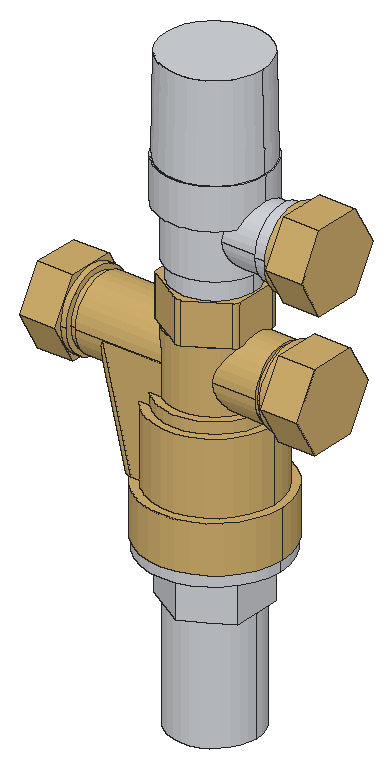
Revit family
Parameters (values of type "KHN3.112")
  URL = "http://www.autospec.co.za/browse.php?id=1644179288"
  Radius of Pipe = Diameter of Pipe / 2  # 11 mm
  Product Code = "KHN3.112"
  Pressure Rating = 200 kPa
  OmniClass Title = ""
  OmniClass Number = ""
  Modspec Classification = ""
  Specification = ""
  Location (revit room) = ""
  Model = "Pressure Control Mono Valve KHN3.112"
  Manufacturer = "Kwikot"  # constant formula
  Material = DZR Brass
  Diameter of Pipe = 22 mm
  Colour = none
  Body Finish = none
  Assembly Code = "D2090800"
Reference planes
  plane 1 "Center (Front/Back)": y = 0
  plane 2: z = 0
  plane 3 "Center (Left/Right)": x = 0
  plane 4: z = -102
  plane 5: z = 85
  plane 6: z = -67
  plane 7: x = 13
  plane 8: x = -13
  plane 9: z = -49.4
  plane 10: z = -34.9
  plane 11: z = -52.865
  plane 12: z = -12.9
  plane 13: z = -9.4
  plane 14: z = 9.6
  plane 15: z = 22.1
  plane 16: z = 28.1
  plane 17: z = 43.6
  plane 18: z = 56
  plane 19: x = 21.5
  plane 20: x = -34.5
  plane 21: x = 36.5
  plane 22: x = -49.5
  plane 23: x = 23.5
  plane 24: x = 25.5
  plane 25: x = -36.5
  plane 26: x = -38.5
  plane 27: z = 39.2
  plane 28: x = 38
  plane 29: x = 27
  plane 30: x = -6.5
Forms (mm)
  Extrusion 1, solid, detail levels fine
    sketch origin (-440, -1524, -102) x (-1, 0, 0) y (0, -1, 0)
      loop
        circle (-440, -1524) r 13
    from 0 to 35
  Extrusion 2, solid, detail levels fine
    sketch origin (-440, -1524, -67) x (-1, 0, 0) y (0, -1, 0)
      loop
        line (-453, -1531.506) -> (-440, -1539.011) -> (-427, -1531.506) -> (-427, -1516.494) -> (-440, -1508.989) -> (-453, -1516.494) -> (-453, -1531.506)
    from 0 to 14.135
  Extrusion 3, solid, detail levels fine
    sketch origin (-20.969, -1524, -52.865) x (-1, 0, 0) y (0, -1, 0)
      loop
        circle (-20.969, -1524) r 20.5
    from 0 to 3.465
  Extrusion 4, solid, material "DZR Brass" <- "Material", detail levels fine
    sketch origin (-165.612, -1524, -49.4) x (-1, 0, 0) y (0, -1, 0)
      loop
        circle (-165.612, -1524) r 21
    from 0 to 14.5
  Extrusion 5, solid, material "DZR Brass" <- "Material", detail levels fine
    sketch origin (0, 0, 0) x (0, 1, 0) y (0, 0, 1)
      loop
        circle (0, 0) r 11
    from 21.5 to -34.5
  Extrusion 6, solid, material "DZR Brass" <- "Material", detail levels fine
    sketch origin (-165.612, -1524, -34.9) x (-1, 0, 0) y (0, -1, 0)
      loop
        circle (-165.612, -1524) r 18.5
    from 0 to 22
  Extrusion 7, solid, material "DZR Brass" <- "Material", detail levels fine
    sketch origin (-60.699, -1524, -12.9) x (-1, 0, 0) y (0, -1, 0)
      loop
        circle (-60.699, -1524) r 16
    from 0 to 3.5
  Extrusion 8, solid, material "DZR Brass" <- "Material", detail levels fine
    sketch origin (-60.699, -1524, -9.4) x (-1, 0, 0) y (0, -1, 0)
      loop
        circle (-60.699, -1524) r 13.5
    from 0 to 19
  Blend 9, solid, material "DZR Brass" <- "Material", detail levels fine
    base sketch origin (-60.699, -1524, -9.4) x (-1, 0, 0) y (0, -1, 0)
      loop
        arc (-34.681, -1535) -> (-33.456, -1534.739) -> (-32.444, -1534) r 3
        arc (-32.444, -1534) -> (-28.625, -1524) -> (-32.444, -1514) r 15
        arc (-32.444, -1514) -> (-33.456, -1513.261) -> (-34.681, -1513) r 3
        line (-34.681, -1513) -> (-54.199, -1513) -> (-54.199, -1535) -> (-34.681, -1535)
    top sketch origin (-60.699, -1524, -9.4) x (-1, 0, 0) y (0, -1, 0)
      loop
        line (-54.199, -1535) -> (-43.324, -1535)
        arc (-43.324, -1535) -> (-41.97, -1534.677) -> (-40.908, -1533.778) r 3
        arc (-40.908, -1533.778) -> (-37.699, -1524) -> (-40.908, -1514.222) r 16.5
        arc (-40.908, -1514.222) -> (-41.97, -1513.323) -> (-43.324, -1513) r 3
        line (-43.324, -1513) -> (-54.199, -1513) -> (-54.199, -1535)
    from 9.4 to -25.5
  Extrusion 10, solid, material "DZR Brass" <- "Material", detail levels fine
    sketch origin (-60.699, -1524, 9.6) x (-1, 0, 0) y (0, -1, 0)
      loop
        line (-72.699, -1532.083) -> (-61.699, -1538.434)
        arc (-61.699, -1538.434) -> (-60.699, -1538.702) -> (-59.699, -1538.434) r 2
        line (-59.699, -1538.434) -> (-48.699, -1532.083)
        arc (-48.699, -1532.083) -> (-47.967, -1531.351) -> (-47.699, -1530.351) r 2
        line (-47.699, -1530.351) -> (-47.699, -1517.649)
        arc (-47.699, -1517.649) -> (-47.967, -1516.649) -> (-48.699, -1515.917) r 2
        line (-48.699, -1515.917) -> (-59.699, -1509.566)
        arc (-59.699, -1509.566) -> (-60.699, -1509.298) -> (-61.699, -1509.566) r 2
        line (-61.699, -1509.566) -> (-72.699, -1515.917)
        arc (-72.699, -1515.917) -> (-73.431, -1516.649) -> (-73.699, -1517.649) r 2
        line (-73.699, -1517.649) -> (-73.699, -1530.351)
        arc (-73.699, -1530.351) -> (-73.431, -1531.351) -> (-72.699, -1532.083) r 2
    from 0 to 12.5
  Extrusion 11, solid, detail levels fine
    sketch origin (-60.699, -1524, 22.1) x (-1, 0, 0) y (0, -1, 0)
      loop
        circle (-60.699, -1524) r 12.2
    from 0 to 6
  Extrusion 12, solid, detail levels fine
    sketch origin (-60.699, -1524, 28.1) x (-1, 0, 0) y (0, -1, 0)
      loop
        circle (-60.699, -1524) r 13.5
    from 0 to 15.5
  Extrusion 13, solid, detail levels fine
    sketch origin (-60.699, -1524, 43.6) x (-1, 0, 0) y (0, -1, 0)
      loop
        circle (-60.699, -1524) r 16
    from 0 to 12.4
  Blend 14, solid, detail levels fine
    base sketch origin (-60.699, -1524, 56) x (-1, 0, 0) y (0, -1, 0)
      loop
        circle (-60.699, -1524) r 15.5
    top sketch origin (-60.699, -1524, 56) x (-1, 0, 0) y (0, -1, 0)
      loop
        circle (-60.699, -1524) r 15
    from 0 to 29
  Extrusion 15, solid, material "DZR Brass" <- "Material", detail levels fine
    sketch origin (21.5, -1524, -21.263) x (0, 0, -1) y (0, -1, 0)
      loop
        circle (-21.263, -1524) r 10.5
    from 0 to -2
  Extrusion 16, solid, material "DZR Brass" <- "Material", detail levels fine
    sketch origin (-34.5, -1524, -21.263) x (0, 0, -1) y (0, -1, 0)
      loop
        circle (-21.263, -1524) r 10.5
    from 0 to 2
  Extrusion 17, solid, material "DZR Brass" <- "Material", detail levels fine
    sketch origin (21.5, -1524, -21.263) x (0, 0, -1) y (0, -1, 0)
      loop
        circle (-21.263, -1524) r 12
    from -2 to -4
  Extrusion 18, solid, material "DZR Brass" <- "Material", detail levels fine
    sketch origin (-34.5, -1524, -21.263) x (0, 0, -1) y (0, -1, 0)
      loop
        circle (-21.263, -1524) r 12
    from 2 to 4
  Extrusion 19, solid, material "DZR Brass" <- "Material", detail levels fine
    sketch origin (25.5, -1524, -21.263) x (0, 0, -1) y (0, -1, 0)
      loop
        line (-9.263, -1517.072) -> (-21.263, -1510.144) -> (-33.263, -1517.072) -> (-33.263, -1530.928) -> (-21.263, -1537.856) -> (-9.263, -1530.928) -> (-9.263, -1517.072)
    from 0 to -11
  Extrusion 20, solid, material "DZR Brass" <- "Material", detail levels fine
    sketch origin (-38.5, -1524, -21.263) x (0, 0, -1) y (0, -1, 0)
      loop
        line (-33.263, -1517.072) -> (-33.263, -1530.928) -> (-21.263, -1537.856) -> (-9.263, -1530.928) -> (-9.263, -1517.072) -> (-21.263, -1510.144) -> (-33.263, -1517.072)
    from 0 to 11
  Extrusion 21, solid, detail levels fine
    sketch origin (0, 0, 0) x (0, 1, 0) y (0, 0, 1)
      loop
        circle (0, 39.2) r 9.5
    from 0 to 20.8
  Extrusion 22, solid, detail levels fine
    sketch origin (0, 0, 0) x (0, 1, 0) y (0, 0, 1)
      loop
        circle (0, 39.2) r 10.45
    from 20.8 to 25
  Extrusion 23, solid, material "DZR Brass" <- "Material", detail levels fine
    sketch origin (0, 0, 0) x (0, 1, 0) y (0, 0, 1)
      loop
        circle (0, 39.2) r 12
    from 25 to 27
  Extrusion 24, solid, material "DZR Brass" <- "Material", detail levels fine
    sketch origin (38, -1524, 63.742) x (0, 0, 1) y (0, -1, 0)
      loop
        line (-12.542, -1517.072) -> (-24.542, -1510.144) -> (-36.542, -1517.072) -> (-36.542, -1530.928) -> (-24.542, -1537.856) -> (-12.542, -1530.928) -> (-12.542, -1517.072)
    from 0 to -11
Cuts and joins
  joined: Extrusion 11, Extrusion 12, Extrusion 13, Blend 14, Extrusion 21, Extrusion 22
  joined: Extrusion 23, Extrusion 24
  joined: Extrusion 1, Extrusion 2, Extrusion 3
  joined: Extrusion 5, Extrusion 10, Extrusion 15, Extrusion 16, Extrusion 17, Extrusion 18, Extrusion 19, Extrusion 20
  joined: Extrusion 4, Extrusion 6, Extrusion 7, Extrusion 8, Blend 9
Lines and regions (mm)
  model lines
    curve 1: line (-6.5, 0, 0) -> (-6.5, 27.166, 0)
    curve 2: line (-16.5, 27.166, 0) -> (3.5, 27.166, 0)
    curve 3: arc (-16.5, 27.166, 0) -> (-6.5, 30.985, 0) -> (3.5, 27.166, 0) r 15
    curve 4: line (-6.5, 30.985, 0) -> (-6.5, 42.166, 0)
    curve 5: line (-6.5, 42.166, 0) -> (29.75, 42.166, 0)
    curve 6: line (29.75, 42.166, 0) -> (29.75, 0, 0)
    curve 7: line (-34.5, -10.5, 0) -> (-34.5, 10.5, 0)
    curve 8: line (-34.5, 10.5, 0) -> (21.5, -10.5, 0)
    curve 9: line (-34.5, -10.5, 0) -> (21.5, 10.5, 0)
    curve 10: line (21.5, -10.5, 0) -> (21.5, 10.5, 0)
    curve 11: line (-34.5, 0, 0) -> (-49.5, 0, 0)
    curve 12: line (21.5, 0, 0) -> (36.5, 0, 0)
Dimensions and locks
  level to plane 4 = 102 mm
  plane 6 to plane 4 = 35 mm
  plane 8 to plane 7 = 26 mm
  plane 3 "Center (Left/Right)" to plane 19 = 21.5 mm
  plane 20 to plane 19 = 56 mm
  plane 3 "Center (Left/Right)" to plane 21 = 36.5 mm
  plane 22 to plane 3 "Center (Left/Right)" = 49.5 mm
  plane 27 to plane 2 = 39.2 mm
  plane 28 to plane 3 "Center (Left/Right)" = 38 mm
  plane 28 to plane 29 = 11 mm
  plane 29 to plane 3 "Center (Left/Right)" = 27 mm
  "Radius of Pipe": plane 1 "Center (Front/Back)" to Blend 9 sketch curve
  equal spacing: Blend 9 sketch curve, plane 1 "Center (Front/Back)", Blend 9 sketch curve
  plane 20 to Blend 9 sketch curve = 2.426 mm
  plane 20 to Blend 9 sketch curve = 11.5 mm
  radius of Extrusion 1 sketch curve = 13 mm
  "Radius of Pipe": radius of Extrusion 5 sketch curve
  radius of Extrusion 21 sketch curve = 9.5 mm
  radius of Extrusion 23 sketch curve = 12 mm
  radius of Extrusion 22 sketch curve = 10.45 mm
  aligned and locked: level to plane 2
  aligned and locked: plane 6 to Extrusion 1
  aligned and locked: Extrusion 1 to plane 4
  aligned and locked: plane 11 to Extrusion 2
  aligned and locked: Extrusion 2 to plane 6
  aligned and locked: plane 9 to Extrusion 3
  aligned and locked: Extrusion 3 to Extrusion 2
  aligned and locked: plane 10 to Extrusion 4
  aligned and locked: Extrusion 4 to plane 9
  aligned and locked: plane 12 to Extrusion 6
  aligned and locked: Extrusion 6 to plane 10
  aligned and locked: plane 13 to Extrusion 7
  aligned and locked: Extrusion 7 to plane 12
  aligned and locked: plane 14 to Extrusion 8
  aligned and locked: Extrusion 8 to Extrusion 7
  aligned and locked: plane 15 to Extrusion 10
  aligned and locked: Extrusion 10 to Extrusion 8
  aligned and locked: plane 16 to Extrusion 11
  aligned and locked: Extrusion 11 to plane 15
  aligned and locked: plane 17 to Extrusion 12
  aligned and locked: Extrusion 12 to plane 16
  aligned and locked: plane 18 to Extrusion 13
  aligned and locked: Extrusion 13 to plane 17
  aligned and locked: plane 5 to Blend 14
  aligned and locked: Blend 14 to plane 18
  aligned and locked: plane 20 to Extrusion 5
  aligned and locked: Extrusion 5 to plane 19
  aligned: Extrusion 16 sketch curve to Extrusion 15
  aligned and locked: Extrusion 16 sketch curve to Extrusion 15
  aligned and locked: Extrusion 17 to Extrusion 15
  aligned: Extrusion 18 sketch curve to Extrusion 17
  aligned and locked: Extrusion 18 sketch curve to Extrusion 17
  aligned and locked: Extrusion 15 to plane 23
  aligned and locked: plane 23 to Extrusion 17
  aligned and locked: Extrusion 17 to plane 24
  aligned and locked: plane 25 to Extrusion 16
  aligned and locked: Extrusion 18 to Extrusion 16
  aligned and locked: plane 26 to Extrusion 18
  aligned and locked: Extrusion 19 to Extrusion 17
  aligned and locked: Extrusion 19 to plane 21
  aligned and locked: plane 22 to Extrusion 20
  aligned and locked: Extrusion 20 to Extrusion 18
  aligned and locked: plane 1 "Center (Front/Back)" to Extrusion 21 sketch curve
  aligned and locked: plane 27 to Extrusion 21 sketch curve
  aligned and locked: plane 27 to Extrusion 22 sketch curve
  aligned and locked: plane 1 "Center (Front/Back)" to Extrusion 22 sketch curve
  aligned and locked: plane 27 to Extrusion 23 sketch curve
  aligned and locked: plane 1 "Center (Front/Back)" to Extrusion 23 sketch curve
  aligned and locked: plane 29 to Extrusion 23
  aligned and locked: plane 28 to Extrusion 24
  aligned and locked: Extrusion 24 to plane 29
  aligned and locked: plane 30 to Blend 9 sketch curve
  aligned and locked: plane 1 "Center (Front/Back)" to Blend 9 sketch curve
  aligned and locked: Blend 9 sketch curve to var sketch  (x2)
  aligned and locked: var sketch to Blend 9 sketch curve
  aligned and locked: cut or joined group of Extrusion 5, Extrusion 10, Extrusion 15, Extrusion 16, Extrusion 17, Extrusion 18, Extrusion 19, Extrusion 20 to curve 12
Automatic sketch dimensions
  plane 1 "Center (Front/Back)" to Extrusion 1 sketch curve = 0 mm
  Extrusion 1 sketch curve to plane 3 "Center (Left/Right)" = 0 mm
  Extrusion 2 sketch curve to plane 7 = 0 mm
  Extrusion 2 sketch curve to plane 3 "Center (Left/Right)" = 0 mm  (x2)
  Extrusion 2 sketch curve to plane 8 = 0 mm
  Extrusion 2 sketch curve to plane 1 "Center (Front/Back)" = 15.011 mm
  Extrusion 2 sketch curve to plane 1 "Center (Front/Back)" = 7.506 mm  (x2)
  plane 1 "Center (Front/Back)" to Extrusion 2 sketch curve = 7.506 mm  (x2)
  Extrusion 2 sketch curve to Extrusion 2 sketch curve = 7.506 mm
  plane 1 "Center (Front/Back)" to Extrusion 3 sketch curve = 0 mm
  Extrusion 3 sketch curve to plane 3 "Center (Left/Right)" = 0 mm
  plane 1 "Center (Front/Back)" to Extrusion 4 sketch curve = 0 mm
  Extrusion 4 sketch curve to plane 3 "Center (Left/Right)" = 0 mm
  Extrusion 5 sketch curve to level = 0 mm
  Extrusion 5 sketch curve to plane 1 "Center (Front/Back)" = 0 mm
  plane 1 "Center (Front/Back)" to Extrusion 6 sketch curve = 0 mm
  Extrusion 6 sketch curve to plane 3 "Center (Left/Right)" = 0 mm
  plane 1 "Center (Front/Back)" to Extrusion 7 sketch curve = 0 mm
  Extrusion 7 sketch curve to plane 3 "Center (Left/Right)" = 0 mm
  plane 1 "Center (Front/Back)" to Extrusion 8 sketch curve = 0 mm
  Extrusion 8 sketch curve to plane 3 "Center (Left/Right)" = 0 mm
  Extrusion 10 sketch curve to plane 7 = 0 mm
  Extrusion 10 sketch curve to plane 3 "Center (Left/Right)" = 0 mm  (x2)
  Extrusion 10 sketch curve to plane 8 = 0 mm
  plane 7 to Extrusion 10 sketch curve = 1 mm  (x2)
  Extrusion 10 sketch curve to Extrusion 10 sketch curve = 2 mm  (x2)
  plane 3 "Center (Left/Right)" to Extrusion 10 sketch curve = 1 mm  (x2)
  Extrusion 10 sketch curve to plane 3 "Center (Left/Right)" = 1 mm  (x2)
  Extrusion 10 sketch curve to plane 8 = 2 mm  (x2)
  Extrusion 10 sketch curve to plane 8 = 1 mm  (x2)
  Extrusion 10 sketch curve to plane 1 "Center (Front/Back)" = 14.434 mm
  Extrusion 10 sketch curve to Extrusion 10 sketch curve = 1.732 mm  (x2)
  Extrusion 10 sketch curve to plane 1 "Center (Front/Back)" = 8.083 mm  (x2)
  plane 1 "Center (Front/Back)" to Extrusion 10 sketch curve = 6.351 mm  (x2)
  Extrusion 10 sketch curve to Extrusion 10 sketch curve = 6.351 mm
  plane 1 "Center (Front/Back)" to Extrusion 11 sketch curve = 0 mm
  Extrusion 11 sketch curve to plane 3 "Center (Left/Right)" = 0 mm
  plane 1 "Center (Front/Back)" to Extrusion 12 sketch curve = 0 mm
  Extrusion 12 sketch curve to plane 3 "Center (Left/Right)" = 0 mm
  plane 1 "Center (Front/Back)" to Extrusion 13 sketch curve = 0 mm
  Extrusion 13 sketch curve to plane 3 "Center (Left/Right)" = 0 mm
  plane 1 "Center (Front/Back)" to Blend 14 sketch curve = 0 mm  (x2)
  Blend 14 sketch curve to plane 3 "Center (Left/Right)" = 0 mm  (x2)
  Extrusion 15 sketch curve to level = 0 mm
  Extrusion 15 sketch curve to plane 1 "Center (Front/Back)" = 0 mm
  Extrusion 17 sketch curve to level = 0 mm
  Extrusion 17 sketch curve to plane 1 "Center (Front/Back)" = 0 mm
  Extrusion 19 sketch curve to level = 0 mm  (x2)
  plane 14 to Extrusion 19 sketch curve = 2.4 mm
  plane 12 to Extrusion 19 sketch curve = 0.9 mm
  Extrusion 19 sketch curve to plane 1 "Center (Front/Back)" = 13.856 mm
  Extrusion 19 sketch curve to plane 1 "Center (Front/Back)" = 6.928 mm  (x2)
  plane 1 "Center (Front/Back)" to Extrusion 19 sketch curve = 6.928 mm  (x2)
  plane 1 "Center (Front/Back)" to Extrusion 19 sketch curve = 13.856 mm
  Extrusion 20 sketch curve to level = 0 mm  (x2)
  plane 14 to Extrusion 20 sketch curve = 2.4 mm
  plane 12 to Extrusion 20 sketch curve = 0.9 mm
  Extrusion 20 sketch curve to plane 1 "Center (Front/Back)" = 13.856 mm
  Extrusion 20 sketch curve to plane 1 "Center (Front/Back)" = 6.928 mm  (x2)
  plane 1 "Center (Front/Back)" to Extrusion 20 sketch curve = 6.928 mm  (x2)
  Extrusion 20 sketch curve to Extrusion 20 sketch curve = 6.928 mm
  Blend 9 sketch curve to Blend 9 sketch curve = 2.236 mm  (x2)
  Blend 9 sketch curve to Blend 9 sketch curve = 0 mm  (x4)
  Blend 9 sketch curve to Blend 9 sketch curve = 2 mm
  plane 1 "Center (Front/Back)" to Blend 9 sketch curve = 0 mm
  Blend 9 sketch curve to plane 30 = 0 mm
  Blend 9 sketch curve to Blend 9 sketch curve = 2.417 mm
  Blend 9 sketch curve to Blend 9 sketch curve = 1.778 mm
  plane 1 "Center (Front/Back)" to curve 11 = 0 mm
  curve 11 to plane 22 = 0 mm
  curve 11 to plane 20 = 0 mm
  curve 5 to plane 30 = 0 mm
  curve 1 to plane 30 = 0 mm
  curve 3 to plane 30 = 0 mm
  curve 8 to plane 19 = 0 mm
  plane 1 "Center (Front/Back)" to curve 6 = 0 mm
  plane 1 "Center (Front/Back)" to curve 1 = 0 mm
  plane 8 to curve 2 = 3.5 mm
  plane 29 to curve 5 = 2.75 mm
  plane 1 "Center (Front/Back)" to curve 7 = 10.5 mm
  curve 10 to curve 12 = 10.5 mm
  curve 9 to plane 1 "Center (Front/Back)" = 10.5 mm
  curve 1 to curve 3 = 15.985 mm
  curve 3 to curve 3 = 11.18 mm
  curve 3 to curve 6 = 15 mm
  radius of Extrusion 3 sketch curve = 20.5 mm
  radius of Extrusion 4 sketch curve = 21 mm
  radius of Extrusion 6 sketch curve = 18.5 mm
  radius of Extrusion 7 sketch curve = 16 mm
  radius of Extrusion 8 sketch curve = 13.5 mm
  radius of Extrusion 11 sketch curve = 12.2 mm
  radius of Extrusion 12 sketch curve = 13.5 mm
  radius of Extrusion 13 sketch curve = 16 mm
  radius of Blend 14 sketch curve = 15.5 mm
  radius of Blend 14 sketch curve = 15 mm
  radius of Extrusion 15 sketch curve = 10.5 mm
  radius of Extrusion 17 sketch curve = 12 mm
Connectors
  piping at (-49.5, 0, 0), driven by "Radius of Pipe"
    settings: on Extrusion 20, index 1, connector radius 11 mm, flow factor 0, pipe flow 0.0 L/s, pressure drop 0 kPa, fitting loss kfactor 0, connector angle 0.00°, fixture units 0, flow configuration 0, flow direction 1, fitting loss method 0, system type 29, connector reference index 2, connector utility 0, adjustable connector yes, is connector primary yes, fitting loss table "", connector description "Pipe Connector"
  piping at (36.5, 0, 0), driven by "Radius of Pipe"
    settings: on Extrusion 19, index 2, connector radius 11 mm, flow factor 0, pipe flow 0.0 L/s, pressure drop 0 kPa, fitting loss kfactor 0, connector angle 0.00°, fixture units 0, flow configuration 0, flow direction 2, fitting loss method 0, system type 29, connector reference index 1, connector utility 0, adjustable connector yes, is connector primary no, fitting loss table "", connector description "Pipe Connector"
  piping at (38, 0, 39.2), driven by "Radius of Pipe"
    settings: on cut or joined group of Extrusion 23, Extrusion 24, index 3, connector radius 11 mm, flow factor 0, pipe flow 0.0 L/s, pressure drop 0 kPa, fitting loss kfactor 0, connector angle 0.00°, fixture units 0, flow configuration 0, flow direction 2, fitting loss method 0, system type 29, connector reference index -1, connector utility 0, adjustable connector yes, is connector primary no, fitting loss table "", connector description "Pipe Connector"
